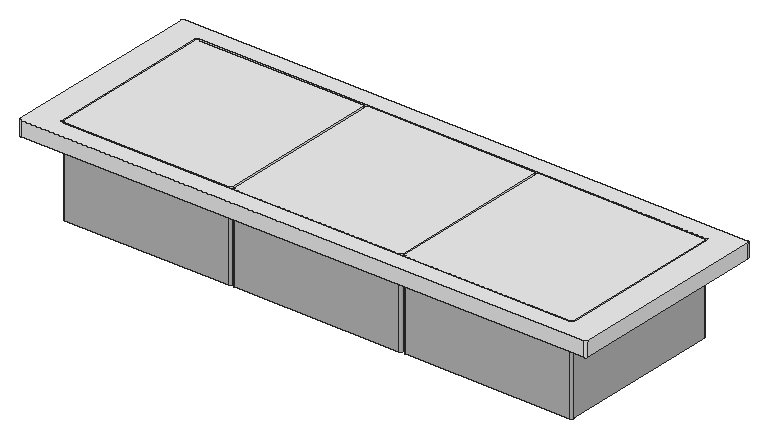
Revit family "Schneider_D-Life_3-elementos", category Electrical Fixtures, host Face, Revit 2015 (continued)
Definition of nested family "Schneider_D-Life_Tecla_Tapa_Tapa-ciega-zumbador"
  Definition of nested family "Schneider_D-Life_Cuerpo-tecla_Tecla-simple_M02"
    Forms (mm)
      Sweep 4, void
        profile origin (-34.65, -34.5, 2.5) x (0, 1, 0) y (-1, 0, 0)
          loop
            arc (0, -1) -> (0.293, -0.293) -> (1, 0) r 1
            line (1, 0) -> (0, 0)
      Sweep 5, void
        path origin (0, -34.5, 0) x (-1, 0, 0) y (0, 0, 1)
          loop
            line (-34.65, 5) -> (-34.65, 0)
        profile origin (34.65, -34.5, 2.5) x (0, 1, 0) y (-1, 0, 0)
          loop
            line (0, 0) -> (1, 0)
            arc (1, 0) -> (0.293, 0.293) -> (0, 1) r 1
            line (0, 1) -> (0, 0)
    Cuts and joins
      Sweep 2, Sweep 3, Sweep 4, Sweep 5 cuts Sweep 1
    Text (mm)
      text "A3D CONSULTING INTEGRATED BIM SOLUTIONS, S.L.\n\nCONTRATO DE LICENCIA DE USUARIO FINAL\n\n\n\n\n\nAVISO A LOS USUARIOS: LEA ATENTAMENTE EL SIGUIENTE CONTRATO ANTES DE CONTINUAR. EL USO DEL CONTENIDO BIM EN FORMATO REVIT QUE SE ACOMPAÑA DEL PRESENTE ACUERDO (\"CONTENIDO BIM A3D CONSULTING\") CONSTITUYE SU ACEPTACIÓN DE ESTOS TÉRMINOS. SI USTED NO ESTÁ DE ACUERDO CON LAS CONDICIONES DE ESTE ACUERDO NO ABRA, ACCEDA DIRECTA O INDIRECTAMENTE, MODIFIQUE,  COPIE NI USE EL CONTENIDO BIM A3D CONSULTING, NI TOTAL NI PARCIALMENTE. EL USO DEL CONTENIDO BIM A3D CONSULTING POR PARTE DEL USUARIO ESTÁ CONDICIONADO AL CUMPLIMIENTO POR EL MISMO DE LOS TÉRMINOS DE ESTE ACUERDO.\n\n\n\n1.\tDEFINICIONES\n\nEste contrato de licencia de usuario final para el Contenido BIM A3D Consulting (“CLUF”) constituye un acuerdo legal entre usted como usuario final (ya sea persona física o entidad legalmente reconocida) (el \"Titular de la licencia\") y A3D CONSULTING INTEGRATED BIM SOLUTIONS, S.L. para el Contenido BIM A3D Consulting que acompaña a este CLUF. El Contenido BIM A3D CONSULTING consiste en uno o varios archivos en formato Autodesk Revit, pudiendo incluir elementos y medios asociados, así como la documentación \"en línea\" o electrónica (\"Contenido BIM A3D Consulting \").\n\n\n\n2.\tCONCESIÓN DE LA LICENCIA\n\nA3D CONSULTING INTEGRATED BIM SOLUTIONS, S.L. le concede una licencia para utilizar y modificar el contenido BIM incluido en una copia de Contenido BIM A3D Consulting.  El \"Titular de la licencia \" designa a la empresa, entidad o persona física, cuyos fondos son utilizados para pagar la cuota de licencia. \"Uso\" designa la copia, el almacenaje, la carga, la instalación o la muestra del Contenido BIM A3D Consulting. En virtud del presente, el Titular de la licencia no puede alquilar, arrendar, ceder, prestar, vender ni sublicenciar el Contenido BIM A3D Consulting a otra persona física, empresa o entidad.\n\n\n\n3.\tPROPIEDAD\n\nA3D CONSULTING INTEGRATED BIM SOLUTIONS, S.L. es el propietario y el titular del copyright del Contenido BIM A3D Consulting. La licencia adquirida no confiere al Titular de la licencia ningún título o propiedad sobre el contenido y no debe interpretarse como una venta de ningún derecho.\n\n\n\n4.\tCOPYRIGHT\n\nEl Contenido BIM A3D Consulting está protegido por las leyes españolas del copyright, las disposiciones de los tratados internacionales y otras leyes aplicables. En virtud del presente, el Titular de la licencia reconoce que no se le transfiere ningún título de la propiedad intelectual de A3D CONSULTING INTEGRATED BIM SOLUTIONS, S.L.. Además, el Titular de la licencia reconoce que el título y todos los derechos de autor sobre el Contenido BIM A3D Consulting seguirán siendo propiedad exclusiva de A3D CONSULTING INTEGRATED BIM SOLUTIONS, S.L. y no adquirirá ningún derecho sobre el Contenido BIM A3D Consulting, a excepción de lo expresamente establecido en esta licencia.\n\n\n\n5.\tRESPONSABILIDAD\n\nEn virtud del presente, el Titular de la licencia acepta que defenderá, indemnizará y eximirá a A3D CONSULTING INTEGRATED BIM SOLUTIONS, S.L. de cualesquiera reclamaciones o responsabilidades derivadas del uso, uso indebido, distribución o ejecución del Contenido BIM A3D Consulting de A3D CONSULTING INTEGRATED BIM SOLUTIONS, S.L., incluyendo las reclamaciones presentadas en contra del Titular de la licencia por el uso de dicho  contenido. Asimismo, el Titular de la licencia acepta eximir de toda responsabilidad y proteger a A3D CONSULTING INTEGRATED BIM SOLUTIONS, S.L. frente a cualquier tipo de demandas civiles, legales o penales. Las cantidades derivadas de dichos procesos, incluyendo resoluciones y costas judiciales, correrán a cargo del Titular de la licencia.\n\n\n\n6.\tGARANTÍA\n\nDurante un periodo de 30 días, a contar a partir de la fecha de entrega del producto, A3D CONSULTING INTEGRATED BIM SOLUTIONS, S.L. garantiza que dicho producto está libre de defectos en los materiales y la mano de obra. En caso de incumplimiento de esta garantía, el Titular de la licencia recibirá como  única compensación el reemplazo del producto. El Contenido BIM A3D Consulting y cualquier documentación relacionada se proporcionan \"tal cual\", sin garantía de ningún tipo, ya sea expresa o implícita, incluyendo, a título enunciativo pero no limitativo, las garantías implícitas o comerciabilidad, la idoneidad para un propósito particular o la inexistencia de infracción. Cualquier riesgo derivado del uso o los resultados del Contenido BIM A3D Consulting correrá a cargo del licenciatario.\n\n\n\n7.\tLEGISLACIÓN APLICABLE\n\nTodos los aspectos del presente Contrato se regirán e interpretarán de conformidad con la legislación vigente en España.\n\n\n\n8.\tENMIENDAS\n\nA3D CONSULTING INTEGRATED BIM SOLUTIONS, S.L. se reserva el derecho de modificar este acuerdo en cualquier momento.\n\n\n\n9.\tAPLICABILIDAD\n\nEn caso de que alguna de las disposiciones de este acuerdo fuera nula o inaplicable, las partes acuerdan que dicha invalidez no afectará a la validez de las disposiciones restantes de este acuerdo.\n\n\n\n- FIN DEL CONTRATO DE LICENCIA DE USUARIO FINAL -\n\nBarcelona / España, 15.02.2015\n\nA3D CONSULTING INTEGRATED BIM SOLUTIONS, S.L." at (2.016, -2, 0), in view "CLUF"
    Dimensions and locks
      equal spacing: plane 4 "Izquierda", plane 3 "Centro (Izquierda/Derecha)", plane 5 "Derecha"
      "Longitud": plane 4 "Izquierda" to plane 5 "Derecha"
      equal spacing: plane 7 "Frontal", plane 1 "Centro (Frontal/Posterior)", plane 6 "Posterior"
      "Anchura": plane 7 "Frontal" to plane 6 "Posterior"
      "Juntas.Desfase": plane 7 "Frontal" to plane 10 "Tecla.Frontal"
      "Juntas.Desfase": plane 6 "Posterior" to plane 11 "Tecla.Posterior"
      "Juntas.Desfase": plane 4 "Izquierda" to plane 8 "Tecla.Izquierda"
      "Juntas.Desfase": plane 9 "Tecla.Derecha" to plane 5 "Derecha"
      "Espesor": plane 12 "Tapa.Superior" to plane 2
      "Cuerpo.Redondeo": plane 8 "Tecla.Izquierda" to Sweep 2 sketch curve
      "Cuerpo.Redondeo": plane 11 "Tecla.Posterior" to Sweep 2 sketch curve
      "Cuerpo.Redondeo": Sweep 3 sketch curve to plane 9 "Tecla.Derecha"
      "Cuerpo.Redondeo": plane 11 "Tecla.Posterior" to Sweep 3 sketch curve
      "Cuerpo.Redondeo": plane 8 "Tecla.Izquierda" to Sweep 4 sketch curve
      "Cuerpo.Redondeo": Sweep 4 sketch curve to plane 10 "Tecla.Frontal"
      "Cuerpo.Redondeo": Sweep 5 sketch curve to plane 10 "Tecla.Frontal"
      "Cuerpo.Redondeo": Sweep 5 sketch curve to plane 9 "Tecla.Derecha"
      "Cuerpo.Redondeo": radius of Sweep 2 sketch curve
      "Cuerpo.Redondeo": radius of Sweep 3 sketch curve
      "Cuerpo.Redondeo": radius of Sweep 4 sketch curve
      "Cuerpo.Redondeo": radius of Sweep 5 sketch curve
      aligned and locked: level to plane 2
      aligned and locked: plane 9 "Tecla.Derecha" to Sweep 1 sketch curve
      aligned and locked: plane 1 "Centro (Frontal/Posterior)" to Sweep 1 sketch curve
      aligned and locked: plane 2 to Sweep 1 sketch curve
      aligned and locked: Sweep 1 sketch curve to plane 11 "Tecla.Posterior"
      aligned and locked: plane 10 "Tecla.Frontal" to Sweep 1 sketch curve
      aligned and locked: plane 12 "Tapa.Superior" to Sweep 1 sketch curve
      aligned and locked: plane 2 to Sweep 2 sketch curve
      aligned and locked: Sweep 2 sketch curve to plane 8 "Tecla.Izquierda"
      aligned and locked: plane 8 "Tecla.Izquierda" to Sweep 2 sketch curve
      aligned and locked: Sweep 2 sketch curve to plane 11 "Tecla.Posterior"
      aligned and locked: Sweep 3 sketch curve to plane 9 "Tecla.Derecha"
      aligned and locked: plane 2 to Sweep 3 sketch curve
      aligned and locked: plane 11 "Tecla.Posterior" to Sweep 3 sketch curve
      aligned and locked: plane 9 "Tecla.Derecha" to Sweep 3 sketch curve
      aligned and locked: plane 2 to Sweep 4 sketch curve
      aligned and locked: Sweep 4 sketch curve to plane 8 "Tecla.Izquierda"  (x2)
      aligned and locked: plane 2 to Sweep 5 sketch curve
      aligned and locked: Sweep 5 sketch curve to plane 9 "Tecla.Derecha"  (x2)
      aligned and locked: Sweep 4 sketch curve to plane 10 "Tecla.Frontal"
      aligned and locked: plane 10 "Tecla.Frontal" to Sweep 5 sketch curve
      aligned and locked: plane 8 "Tecla.Izquierda" to Sweep 1 sketch curve
      aligned and locked: Sweep 1 sketch curve to plane 12 "Tapa.Superior"
      aligned and locked: plane 12 "Tapa.Superior" to Sweep 5 sketch curve
      aligned and locked: plane 12 "Tapa.Superior" to Sweep 3 sketch curve
      aligned and locked: plane 12 "Tapa.Superior" to Sweep 4 sketch curve
      aligned and locked: plane 12 "Tapa.Superior" to Sweep 2 sketch curve
